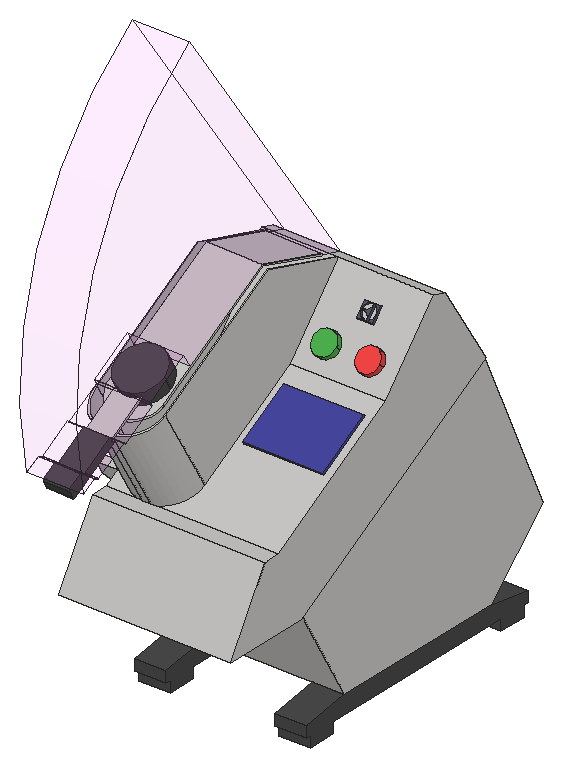
Revit family "QF_ELECTROLUXPROFESSIONAL_603805_TR24SNU", category Attrezzature speciali, Revit 2020
Family settings
  Quota connettore circolare = Usa diametro
  Tipo di parte = Normale
  Basato su piano di lavoro = No
  Sempre verticale = Sì
  Taglio con vuoti quando caricato = No
  Condiviso = No
  Punto di calcolo locali = No
Parameters (values of type "Standard")
  Weight = 19.00 kg
  Watts = 640 W
  Volts = 115 V
  URL Manufacturer = "https://www.electroluxprofessional.com/"
  URL = "https://www.electroluxprofessional.com/"
  Steam Supply Size = 0 mm
  Steam Supply Minimum Pressure = 0.0 Pa
  Steam Supply Maximum Pressure = 0.0 Pa
  Steam Consumption per Hour = 0
  Show Logo [instance] = yes
  Show Clearance [instance] = yes
  Refrigeration Suction Line Size = 0 mm
  Refrigeration Liquid Line Size = 0 mm
  Refrigerant Compressor Remote = yes
  Prospetto di default = 0 mm
  Produttore = "Electrolux Professional"
  Phase = 1
  Modello = "TR24SNU"
  Length Actual = 246 mm  # constant formula
  Item Number = "603805"
  Hot Water Size = 0 mm
  Height Actual = 466 mm  # constant formula
  HP = "0.9 HP"
  Gas Size = 0 mm
  Gas KW = 0
  Gas Input Pressure = 0 W
  Direct Waste Size = 0 mm
  Descrizione = "S/S VEGETABLE BENCH CUTTER+EJECT-640W-US"
  Depth Actual = 557 mm  # constant formula
  Cycle = 60 Hz
  Condensate Return Size = 0 mm
  Compressed Air Volume = 0.0 L/s
  Compressed Air Size = 0 mm
  Compressed Air Pressure = 0.0 Pa
  Cold Water Size = 0 mm
  Accessory = yes
Reference planes
  plane 1 "Center (Front/Back)": y = 0
  plane 2: z = 0
  plane 3 "Center (Left/Right)": x = 0
  plane 4 "BASE": z = 200
  plane 5 "TOP": z = 466
  plane 6 "FRONT": y = -217
  plane 7 "BACK": y = 340
  plane 8 "LEFT": x = -246
  plane 9 "RIGHT": x = -123
  plane 10 "PANEL": through (4267.2, 267.007, 504.294) normal (0, 0.3907, -0.9205)
  plane 11: z = 760
  plane 12: z = 320
  plane 13: x = -138
  plane 14: through (-121, -2919.827, 2381.84) normal (0, -0.6018, -0.7986)
  plane 15: through (-121, -2736.832, 2624.682) normal (0, -0.6018, -0.7986)
Forms (mm)
  Extrusion 1, solid, material "QF_Finishes_Black"
    sketch origin (0, 123, 0) x (0, -1, 0) y (0, 0, -1)
      loop
        line (94.471, -36.549) -> (153.732, -27.163) -> (153.732, -13.973) -> (147.154, -13.973) -> (147.154, 0) -> (112.154, 0) -> (112.154, -13.973) -> (-152.212, -13.973) -> (-152.212, 0) -> (-187.212, 0) -> (-187.212, -13.973) -> (-193.79, -13.973) -> (-193.79, -27.163) -> (-134.529, -36.549) -> (94.471, -36.549)
    from 0 to -40
  Extrusion 2, solid, material "QF_Finishes_Stainless Steel"
    sketch origin (-216, 123, 0) x (0, -1, 0) y (0, 0, 1)
      loop
        line (93.46, 36.549) -> (160.039, 151.867) -> (-127.073, 317.631) -> (-217, 115.653) -> (-135.029, 36.549) -> (93.46, 36.549)
    from 0 to -216
  Extrusion 3, solid, material "QF_Finishes_Stainless Steel"
    sketch origin (-216, 123, 262.296) x (0, -1, 0) y (0, 0, 1)
      loop
        line (-127.388, 55.517) -> (162.427, -111.808) -> (271.802, -111.808) -> (219.868, -21.855) -> (197.396, -21.855) -> (28.521, 75.645) -> (-46.926, 162.436) -> (-63.802, 157.277) -> (-127.388, 55.517)
    from 0 to -216
  Extrusion 4, solid, material "QF_Finishes_Black"
    sketch origin (-176, 123, 0) x (0, -1, 0) y (0, 0, -1)
      loop
        line (94.471, -36.549) -> (153.732, -27.163) -> (153.732, -13.973) -> (147.154, -13.973) -> (147.154, 0) -> (112.154, 0) -> (112.154, -13.973) -> (-152.212, -13.973) -> (-152.212, 0) -> (-187.212, 0) -> (-187.212, -13.973) -> (-193.79, -13.973) -> (-193.79, -27.163) -> (-134.529, -36.549) -> (94.471, -36.549)
    from 0 to -40
  Extrusion 5, solid, material "QF_Finishes_Stainless Steel"
    sketch origin (-490.404, 173.395, 441.028) x (-1, 0, 0) y (0, -0.529919, 0.848048)
      loop
        line (-392.404, -132.714) -> (-392.404, -152.714) -> (-372.404, -152.714) -> (-372.404, -132.714) -> (-392.404, -132.714)
    from 0 to 2
  Extrusion 6, solid, material "QF_Finishes_Stainless Steel"
    sketch origin (-216, 247.308, 495.458) x (0, -0.866025, -0.5) y (-1, 0, 0)
      loop
        line (366.112, -5.041) -> (103.685, -5.041) -> (103.685, -7.041) -> (364.112, -7.041)
        arc (364.112, -7.041) -> (392.396, -18.757) -> (404.112, -47.041) r 40
        line (404.112, -47.041) -> (404.112, -53.041)
        arc (404.112, -53.041) -> (392.396, -81.326) -> (364.112, -93.041) r 40
        line (364.112, -93.041) -> (103.685, -93.041) -> (103.685, -95.041) -> (366.112, -95.041)
        arc (366.112, -95.041) -> (394.396, -83.326) -> (406.112, -55.041) r 40
        line (406.112, -55.041) -> (406.112, -45.041)
        arc (406.112, -45.041) -> (394.396, -16.757) -> (366.112, -5.041) r 40
    from 60 to -60
  Extrusion 7, void
    sketch origin (-216, 123, 0) x (0, -1, 0) y (0, 0, 1)
      loop
        line (79.644, 463.429) -> (-6.545, 511.204) -> (-63.802, 419.573) -> (-104.041, 355.176) -> (18.102, 278.852) -> (28.521, 337.941) -> (-46.926, 424.732) -> (79.644, 463.429)
    from 19 to -118
  Extrusion 8, solid, material "QF_Finishes_Stainless Steel"
    sketch origin (-216, 123, 0) x (0, -1, 0) y (0, 0, 1)
      loop
        line (264.063, 340.515) -> (58.672, 459.097) -> (-34.568, 430.591) -> (-33.786, 428.75) -> (58.412, 456.937) -> (263.063, 338.783) -> (264.063, 340.515)
    from -14.228 to -85.286
  Extrusion 9, void
    sketch origin (-216, 312.723, 516.165) x (-1, 0, 0) y (0, -1, 0)
      loop
        line (-12.905, 396.308) -> (6.939, 396.308) -> (6.939, 476.85) -> (-103.061, 476.85) -> (-103.061, 396.308) -> (-86.45, 396.308)
        arc (-86.45, 396.308) -> (-76.793, 419.808) -> (-53.329, 429.553) r 33.121
        line (-53.329, 429.553) -> (-46.025, 429.553)
        arc (-46.025, 429.553) -> (-22.562, 419.808) -> (-12.905, 396.308) r 33.121
    from 60 to -198.533
  Extrusion 10, solid, material "QF_Finishes_Black"
    sketch origin (-216, 246.158, 587.17) x (0, -0.866025, -0.5) y (-1, 0, 0)
      loop
        circle (382.469, -50.975) r 30
    from 0 to 20
  Extrusion 11, solid, material "QF_Finishes_Stainless Steel"
    sketch origin (-216, -185.302, -32.404) x (0, -1, 0) y (0, 0, 1)
      loop
        line (-34.286, 382.647) -> (-86.832, 412.985) -> (-87.832, 411.253) -> (-35.286, 380.915) -> (-34.286, 382.647)
    from -34.786 to -67.408
  Extrusion 12, solid, material "QF_Finishes_Black"
    sketch origin (-216, -238.324, -61.918) x (0, -1, 0) y (0, 0, 1)
      loop
        line (-45.479, 392.574) -> (-85.332, 415.583) -> (-90.283, 407.008) -> (-30.076, 372.247)
        arc (-30.076, 372.247) -> (-28.179, 371.997) -> (-26.661, 373.162) r 2.5
        line (-26.661, 373.162) -> (-21.514, 382.077)
        arc (-21.514, 382.077) -> (-21.264, 383.974) -> (-22.429, 385.492) r 2.5
        line (-22.429, 385.492) -> (-39.319, 395.243)
        arc (-39.319, 395.243) -> (-40.078, 395.343) -> (-40.685, 394.877) r 1
        line (-40.685, 394.877) -> (-41.381, 393.672)
        arc (-41.381, 393.672) -> (-43.202, 392.274) -> (-45.479, 392.574) r 3
    from -34.786 to -67.408
  Extrusion 13, solid, material "QF_Finishes_Door Clearance", visible <- "Show Clearance"
    sketch origin (-216, 123, 0) x (0, -1, 0) y (0, 0, 1)
      loop
        line (-63.802, 419.573) -> (-33.786, 428.75) -> (-34.568, 430.591) -> (58.672, 459.097) -> (172.089, 393.616) -> (182.089, 410.936) -> (234.05, 380.936) -> (230.752, 375.222) -> (274.016, 350.244) -> (275.992, 353.665) -> (315.879, 330.636)
        arc (315.879, 330.636) -> (318.126, 330.34) -> (319.924, 331.72) r 2.96
        line (319.924, 331.72) -> (320.639, 332.959)
        arc (320.639, 332.959) -> (321.246, 333.425) -> (322.005, 333.325) r 1
        line (322.005, 333.325) -> (340, 322.936)
        arc (340, 322.936) -> (324.321, 567.07) -> (173.904, 760) r 415.204
        line (173.904, 760) -> (-63.802, 419.573)
    from -14.228 to -85.286
  Extrusion 14, solid, material "QF_Finishes_Stainless Steel"
    sketch origin (0, 3.988, 49.884) x (-1, 0, 0) y (0, -0.5, 0.866025)
      loop
        line (216, 200) -> (216, 157.393) -> (246, 180) -> (246, 200) -> (216, 200)
    from 60 to 50
  Extrusion 15, solid, material "QF_Finishes_Stainless Steel"
    sketch origin (0, 325.456, 235.483) x (-1, 0, 0) y (0, 0.5, -0.866025)
      loop
        line (216, -200) -> (246, -200) -> (246, -180) -> (216, -157.393) -> (216, -200)
    from 60 to 50
Cuts and joins
  Extrusion 7 cuts Extrusion 6
  Extrusion 9 cuts Extrusion 8
Dimensions and locks
  plane 8 "LEFT" to plane 9 "RIGHT" = 123 mm
  plane 7 "BACK" to plane 6 "FRONT" = 557 mm  (x2)
  plane 4 "BASE" to level = 200 mm
  plane 5 "TOP" to level = 466 mm  (x3)
  plane 11 to level = 760 mm
  plane 3 "Center (Left/Right)" to plane 8 "LEFT" = 246 mm
  plane 12 to level = 320 mm
  aligned and locked: level to plane 2
Nested families
  nested 1: "ELX_LOGO_MONO_SMALL - BLUE" at (-70.42, 111.955, 358.044) x (-1, 0, 0) z (0, -0.7547, 0.6561), visible <- "Show Logo", Show Logo <- "Show Logo", type "ELX_LOGO_MONO_SMALL - BLUE"
    with Show Logo yes
  nested 2: "Tastiera con bottoni" at (-60.959, 41.844, 307.552) x (-1, 0, 0) z (0, -0.5, 0.866), type "Tastiera con bottoni"
Connectors
  electrical at (-108, 249.022, 320)
    settings: on Extrusion 5, index 18, voltage 0 V, apparent load 0 VA, apparent load phase1 0 VA, apparent load phase2 0 VA, apparent load phase3 0 VA, power factor 1, load classification "Altro", number of poles 1, system type 30, power factor state 1, is connector primary yes, connector utility no, sub classification motor no, connector description ""
Definition of nested family "ELX_LOGO_MONO_SMALL - BLUE"
  Parameters (values of type "ELX_LOGO_MONO_SMALL - BLUE")
    Show Logo [instance] = yes
    Default Elevation = 1219.2 mm
  Reference planes
    plane 1 "Center (Front/Back)": y = -49
    plane 2: z = 0
    plane 3 "Center (Left/Right)": x = -9.92
  Forms (mm)
    Extrusion 1, solid
      sketch origin (0, 0, 0) x (1, 0, 0) y (0, 1, 0)
        loop
          line (-1219.2, 1219.2) -> (-1219.2, -1219.2) -> (1219.2, -1219.2) -> (1219.2, 1219.2) -> (-1219.2, 1219.2)
      from 0 to -304.8
    Extrusion 2, solid, visible <- "Show Logo"
      sketch origin (84.462, 509.781, 0) x (1, 0, 0) y (0, 1, 0)
        loop
          line (-97.132, -567.787) -> (-97.132, -549.816)
          arc (-97.132, -549.816) -> (-103.775, -558.801) -> (-97.132, -567.787) r 9.398
        loop
          arc (-96.218, -567.787) -> (-88.745, -566.088) -> (-85.144, -559.322) r 9.21
          line (-85.144, -559.322) -> (-88.117, -559.322)
          arc (-88.117, -559.322) -> (-93.428, -561.478) -> (-96.218, -566.485) r 8.633
          line (-96.218, -566.485) -> (-96.218, -567.787)
        loop
          arc (-96.218, -551.117) -> (-93.428, -556.124) -> (-88.117, -558.28) r 8.633
          line (-88.117, -558.28) -> (-85.144, -558.28)
          arc (-85.144, -558.28) -> (-88.739, -551.459) -> (-96.218, -549.585) r 9.451
          line (-96.218, -549.585) -> (-96.218, -551.117)
        loop
          line (-84.462, -568.767) -> (-84.462, -548.794) -> (-104.462, -548.794) -> (-104.462, -568.767) -> (-84.462, -568.767)
      from 0 to 1.644
  Dimensions and locks
    aligned and locked: plane 2 to Extrusion 1
    aligned and locked: level to Extrusion 1
Definition of nested family "Tastiera con bottoni"
  Parameters (values of type "Tastiera con bottoni")
    Default Elevation = 1219.2 mm
  Reference planes
    plane 1 "Centro (Fronte/Retro)": y = 0
    plane 2: z = 0
    plane 3 "Centro (Sinistra/Destra)": x = 0
  Forms (mm)
    Extrusion 1, solid
      sketch origin (0, 0, 0) x (1, 0, 0) y (0, 1, 0)
        loop
          line (-1219.2, 1219.2) -> (-1219.2, -1219.2) -> (1219.2, -1219.2) -> (1219.2, 1219.2) -> (-1219.2, 1219.2)
      from 0 to -304.8
    Extrusion 2, solid
      sketch origin (-27.5, -202.135, 50.196) x (1, 0, 0) y (0, 0.945519, -0.325568)
        loop
          circle (0, 119.355) r 15
      from 0 to 7
    Extrusion 3, solid
      sketch origin (27.5, -202.135, 50.196) x (-1, 0, 0) y (0, -0.945519, 0.325568)
        loop
          circle (0, -119.355) r 15
      from 0 to 7
    Extrusion 4, solid
      sketch origin (-99.677, -52.5, 0) x (0, 1, 0) y (0, 0, 1)
        loop
          line (15, 0) -> (90, 0) -> (90, 2) -> (15, 2) -> (15, 0)
      from 49.354 to 150
  Dimensions and locks
    aligned and locked: plane 2 to Extrusion 1
    aligned and locked: level to Extrusion 1
